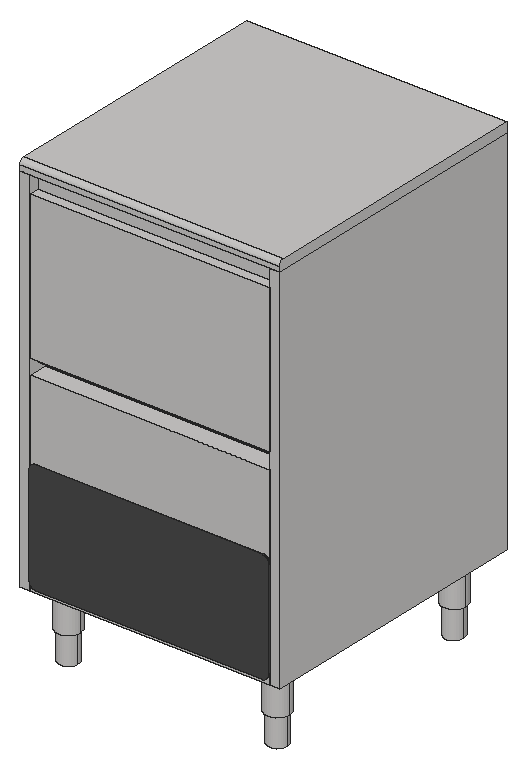
Revit family "QF_ZANUSSI_730328_ICC55I25SNP", category Attrezzature speciali, Revit 2018
Family settings
  Quota connettore circolare = Usa diametro
  Tipo di parte = Normale
  Basato su piano di lavoro = No
  Sempre verticale = Sì
  Taglio con vuoti quando caricato = No
  Condiviso = No
  Punto di calcolo locali = No
Parameters (values of type "Standard")
  Weight = 56.00 kg
  Watts = 0 W
  Volts = 220 V
  URL Manufacturer = "http://www.zanussiprofessional.com"
  URL = "http://www.zanussiprofessional.com"
  Steam Supply Size = 0 mm
  Steam Supply Minimum Pressure = 0.0 Pa
  Steam Supply Maximum Pressure = 0.0 Pa
  Steam Pounds per Hour = 0
  Show Logo [instance] = yes
  Show Clearance [instance] = yes
  Refrigeration Suction Line Size = 0 mm
  Refrigeration Liquid Line Size = 0 mm
  Refrigerant Compressor Remote = yes
  Produttore = "Zanussi"
  Phase = 1
  Modello = "ICC55I25SNP"
  Length Actual = 535 mm  # constant formula
  Item Number = "730328"
  Hot Water Size = 0 mm
  Height Actual = 894 mm  # constant formula
  HP = "0 HP"
  Gas Size = 0 mm
  Gas KW = 0
  Gas Input Pressure = 0 W
  Descrizione = "AIR COOLED ICE CUBER 40GR 55KG/24H-BIN 25KG"
  Depth Actual = 595 mm  # constant formula
  Cycle = 50 Hz
  Condensate Return Size = 0 mm
  Compressed Air Volume = 0.0 L/s
  Compressed Air Size = 0 mm
  Compressed Air Pressure = 0.0 Pa
  Cold Water Size = 19.05 mm
  Accessory = yes
Reference planes
  plane 1 "Center X": y = 272.851
  plane 2: z = 0
  plane 3 "Center Y": x = -501.5
  plane 4 "LEFT": x = -769
  plane 5 "RIGHT": x = -234
  plane 6 "FRONT": y = -19.649
  plane 7 "BACK": y = 565.351
  plane 8: z = 143
  plane 9: z = 932
  plane 10: z = 912
  plane 11: x = -749
  plane 12: x = -254
  plane 13: y = 20.351
Forms (mm)
  Extrusion 1, solid, material "QF_Finishes_Black"
    sketch origin (-217.296, -19.649, 371.513) x (-1, 0, 0) y (0, 0, -1)
      loop
        arc (516.704, -9.487) -> (527.311, -5.093) -> (531.704, 5.513) r 15
        line (531.704, 5.513) -> (531.704, 206.469)
        arc (531.704, 206.469) -> (527.311, 217.075) -> (516.704, 221.469) r 15
        line (516.704, 221.469) -> (51.704, 221.469)
        arc (51.704, 221.469) -> (41.097, 217.075) -> (36.704, 206.469) r 15
        line (36.704, 206.469) -> (36.704, 5.513)
        arc (36.704, 5.513) -> (41.097, -5.093) -> (51.704, -9.487) r 15
        line (51.704, -9.487) -> (516.704, -9.487)
    from 0 to 2
  Extrusion 2, solid, material "QF_Finishes_Stainless Steel"
    sketch origin (-501.5, 0, 0) x (0, 1, 0) y (0, 0, 1)
      loop
        line (565.351, 912) -> (565.351, 932) -> (-9.649, 932)
        arc (-9.649, 932) -> (-16.72, 929.071) -> (-19.649, 922) r 10
        line (-19.649, 922) -> (-19.649, 912) -> (565.351, 912)
    from -267.5 to 267.5
  Extrusion 3, solid, material "QF_Finishes_Stainless Steel"
    sketch origin (-354.7, 565.351, -329.545) x (1, 0, 0) y (0, 0, -1)
      loop
        circle (53.2, -643.545) r 10
    from 0 to 10
  Extrusion 4, solid, material "QF_Finishes_Stainless Steel"
    sketch origin (0, 0, 0) x (1, 0, 0) y (0, 1, 0)
      loop
        line (-769, 565.351) -> (-769, -19.649) -> (-749, -19.649) -> (-749, 565.351) -> (-769, 565.351)
    from 143 to 912
  Extrusion 5, solid, material "QF_Finishes_Stainless Steel"
    sketch origin (0, 0, 0) x (1, 0, 0) y (0, 1, 0)
      loop
        line (-254, 565.351) -> (-254, -19.649) -> (-234, -19.649) -> (-234, 565.351) -> (-254, 565.351)
    from 143 to 912
  Extrusion 6, solid, material "QF_Finishes_Stainless Steel"
    sketch origin (0, 0, 0) x (1, 0, 0) y (0, 1, 0)
      loop
        line (-749, 565.351) -> (-749, 20.351) -> (-254, 20.351) -> (-254, 565.351) -> (-749, 565.351)
    from 143 to 912
  Extrusion 7, solid, material "QF_Finishes_Stainless Steel"
    sketch origin (0, 0, 0) x (1, 0, 0) y (0, 1, 0)
      loop
        line (-749, -19.649) -> (-254, -19.649) -> (-254, 20.351) -> (-749, 20.351) -> (-749, -19.649)
    from 143 to 541.146
  Extrusion 8, solid, material "QF_Finishes_Stainless Steel"
    sketch origin (-501.5, 0, 0) x (0, 1, 0) y (0, 0, 1)
      loop
        line (20.351, 912) -> (0.351, 912) -> (0.351, 876) -> (-19.649, 876) -> (-19.649, 572.768) -> (0.351, 572.768) -> (0.351, 557) -> (20.351, 557) -> (20.351, 912)
    from -247.5 to 247.5
  Extrusion 9, solid, material "QF_Finishes_Stainless Steel"
    sketch origin (-337.2, 565.351, -440.545) x (1, 0, 0) y (0, 0, -1)
      loop
        circle (53.2, -643.545) r 10
    from 0 to 10
  Extrusion 10, solid, material "QF_Finishes_Stainless Steel"
    sketch origin (-397.7, 565.351, -361.545) x (1, 0, 0) y (0, 0, -1)
      loop
        circle (53.2, -643.545) r 10
    from 0 to 10
Lines and regions (mm)
  Split face 1
    outline origin (-501.5, 0.351, 912) x (0, 0, -1) y (1, 0, 0)
      loop
        line (5.715, 124.928) -> (30.715, 124.928) -> (30.715, 164.928) -> (5.715, 164.928) -> (5.715, 124.928)
  symbolic lines
    curve 1: line (-769, 565.351, 0) -> (-234, 565.351, 0)
    curve 2: line (-769, -19.649, 0) -> (-769, 565.351, 0)
    curve 3: line (-234, -19.649, 0) -> (-769, -19.649, 0)
    curve 4: line (-234, 565.351, 0) -> (-234, -19.649, 0)
Dimensions and locks
  equal spacing: plane 4 "LEFT", plane 3 "Center Y", plane 5 "RIGHT"
  plane 4 "LEFT" to plane 5 "RIGHT" = 535 mm
  equal spacing: plane 7 "BACK", plane 1 "Center X", plane 6 "FRONT"
  plane 7 "BACK" to plane 6 "FRONT" = 585 mm
  plane 8 to plane 2 = 143 mm
  plane 9 to plane 8 = 789 mm
  locked: plane 4 "LEFT" to plane 11 at 20
  locked: plane 12 to plane 5 "RIGHT" at 20
  locked: plane 9 to plane 10 at 20
  locked: plane 13 to plane 6 "FRONT" at 40
  aligned and locked: level to plane 2
  aligned and locked: plane 5 "RIGHT" to Extrusion 2
  aligned and locked: Extrusion 2 to plane 4 "LEFT"
  aligned and locked: Extrusion 4 sketch curve to Extrusion 2  (x2)
  aligned and locked: plane 6 "FRONT" to Extrusion 4 sketch curve
  aligned and locked: Extrusion 4 sketch curve to plane 11
  aligned and locked: Extrusion 5 sketch curve to plane 7 "BACK"
  aligned and locked: plane 12 to Extrusion 5 sketch curve
  aligned and locked: Extrusion 5 sketch curve to Extrusion 2  (x2)
  aligned and locked: plane 10 to Extrusion 4
  aligned and locked: plane 10 to Extrusion 5
  aligned and locked: Extrusion 4 to plane 8
  aligned and locked: Extrusion 5 to plane 8
  aligned and locked: Extrusion 6 sketch curve to Extrusion 4
  aligned and locked: Extrusion 4 to Extrusion 6 sketch curve
  aligned and locked: plane 13 to Extrusion 6 sketch curve
  aligned and locked: Extrusion 6 sketch curve to plane 12
  aligned and locked: plane 10 to Extrusion 6
  aligned and locked: Extrusion 6 to plane 8
  aligned and locked: Extrusion 4 to Extrusion 7 sketch curve
  aligned and locked: Extrusion 7 sketch curve to Extrusion 4
  aligned and locked: plane 13 to Extrusion 7 sketch curve
  aligned and locked: plane 12 to Extrusion 7 sketch curve
  aligned and locked: Extrusion 7 to plane 8
  aligned and locked: plane 12 to Extrusion 8
  aligned and locked: Extrusion 8 to plane 11
Automatic sketch dimensions
  curve 3 to plane 4 "LEFT" = 0 mm
  curve 3 to plane 5 "RIGHT" = 0 mm
  curve 3 to plane 6 "FRONT" = 0 mm
  curve 2 to plane 7 "BACK" = 0 mm
  Extrusion 1 sketch curve to plane 12 = 0 mm
  plane 8 to Extrusion 1 sketch curve = 7.044 mm
  Extrusion 1 sketch curve to Extrusion 1 sketch curve = 15 mm  (x3)
  plane 11 to Extrusion 1 sketch curve = 15 mm  (x2)
  Extrusion 1 sketch curve to Extrusion 1 sketch curve = 200.956 mm
  Extrusion 2 sketch curve to plane 6 "FRONT" = 0 mm
  Extrusion 2 sketch curve to plane 9 = 0 mm
  Extrusion 2 sketch curve to plane 7 "BACK" = 0 mm
  Extrusion 2 sketch curve to plane 10 = 0 mm
  plane 6 "FRONT" to Extrusion 2 sketch curve = 10 mm
  Extrusion 6 to Extrusion 3 sketch curve = 171 mm
  Extrusion 3 sketch curve to Extrusion 6 = 47.5 mm
  Extrusion 8 sketch curve to plane 6 "FRONT" = 0 mm
  Extrusion 8 sketch curve to plane 10 = 0 mm
  Extrusion 8 sketch curve to plane 13 = 0 mm
  plane 6 "FRONT" to Extrusion 8 sketch curve = 20 mm  (x2)
  Extrusion 8 sketch curve to plane 10 = 36 mm
  Extrusion 8 sketch curve to Extrusion 8 sketch curve = 303.232 mm
  Extrusion 8 sketch curve to Extrusion 8 sketch curve = 15.768 mm
  Split face 1 sketch curve to Extrusion 8 = 5.715 mm
  Extrusion 8 to Split face 1 sketch curve = 5.285 mm
  Split face 1 sketch curve to Extrusion 8 = 122.572 mm
  Split face 1 sketch curve to Split face 1 sketch curve = 40 mm
  Extrusion 9 sketch curve to Extrusion 6 = 30 mm
  Extrusion 6 to Extrusion 9 sketch curve = 60 mm
  Extrusion 10 sketch curve to Extrusion 6 = 90.5 mm
  Extrusion 6 to Extrusion 10 sketch curve = 139 mm
  radius of Extrusion 3 sketch curve = 10 mm
  radius of Extrusion 9 sketch curve = 10 mm
  radius of Extrusion 10 sketch curve = 10 mm
Nested families
  nested 1: "Foot_Complete" at (-717, 40.351, 0), type "Foot_Complete"
    with H 143 mm
  nested 2: "Foot_Complete" at (-286, 40.351, 0) x (-1, 0, 0) z (0, 0, 1), type "Foot_Complete"
    with H 143 mm
  nested 3: "Foot_Complete" at (-717, 494.351, 0), type "Foot_Complete"
    with H 143 mm
  nested 4: "Foot_Complete" at (-286, 494.351, 0) x (-1, 0, 0) z (0, 0, 1), type "Foot_Complete"
    with H 143 mm
Connectors
  electrical at (-284, 575.351, 203), driven by "Volts"
    settings: on Extrusion 9, index 1, voltage 220 V, apparent load 0 VA, apparent load phase1 0 VA, apparent load phase2 0 VA, apparent load phase3 0 VA, power factor 1, load classification "Altro", number of poles 1, system type 30, power factor state 1, is connector primary yes, connector utility no, sub classification motor no, connector description "Electrical Connection"
  piping at (-301.5, 575.351, 314), diameter 20
    settings: on Extrusion 3, index 2, connector inside diameter 609.6 mm, connector length 0 mm, flow factor 0, pipe flow 0.0 L/s, pressure drop 0.0 Pa, fitting loss kfactor 0, connector angle 0.00°, fixture units 0, engagement length 0 mm, angle of deflection 0.00°, flow configuration 0, flow direction 0, fitting loss method 0, system type 20, joint type 0, gender type 0, connector reference index -1, connector utility 0, adjustable connector no, is connector primary yes, connector description "Cold water"
  piping at (-344.5, 575.351, 282), diameter 20
    settings: on Extrusion 10, index 3, connector inside diameter 609.6 mm, connector length 0 mm, flow factor 0, pipe flow 0.0 L/s, pressure drop 0.0 Pa, fitting loss kfactor 0, connector angle 0.00°, fixture units 0, engagement length 0 mm, angle of deflection 0.00°, flow configuration 0, flow direction 0, fitting loss method 0, system type 16, joint type 0, gender type 0, connector reference index -1, connector utility 0, adjustable connector no, is connector primary no, connector description "Drain"
Definition of nested family "Foot_Complete"
  Parameters (values of type "Foot_Complete")
    R = 25 mm
    H = 153 mm
  Reference planes
    plane 1 "Centro (Fronte/Retro)": y = 0
    plane 2: z = 0
    plane 3 "Centro (Sinistra/Destra)": x = 0
    plane 4: z = 153
  Forms (mm)
    Revolve 1, solid
      sketch origin (255.05, 0, 608.09) x (0, 0, 1) y (-1, 0, 0)
        loop
          line (-608.09, 255.05) -> (-608.09, 235.05) -> (-548.09, 235.05) -> (-548.09, 230.05) -> (-455.09, 230.05) -> (-455.09, 255.05) -> (-608.09, 255.05)
        axis (-608.09, 255.05) -> (-455.09, 255.05)
      angle from 0 to 360
  Dimensions and locks
    level to Revolve 1 sketch curve = 60 mm
    "R": Revolve 1 sketch curve to plane 3 "Centro (Sinistra/Destra)"
    "H": plane 4 to level
    aligned and locked: level to plane 2
    aligned and locked: plane 4 to Revolve 1 sketch curve
    aligned and locked: Revolve 1 sketch curve to level
    aligned and locked: plane 3 "Centro (Sinistra/Destra)" to Revolve 1 sketch curve
  Automatic sketch dimensions
    Revolve 1 sketch curve to plane 3 "Centro (Sinistra/Destra)" = 0 mm
    plane 3 "Centro (Sinistra/Destra)" to Revolve 1 sketch curve = 20 mm
    Revolve 1 sketch curve to Revolve 1 sketch curve = 50 mm
    Revolve 1 sketch curve to Revolve 1 sketch curve = 20 mm
